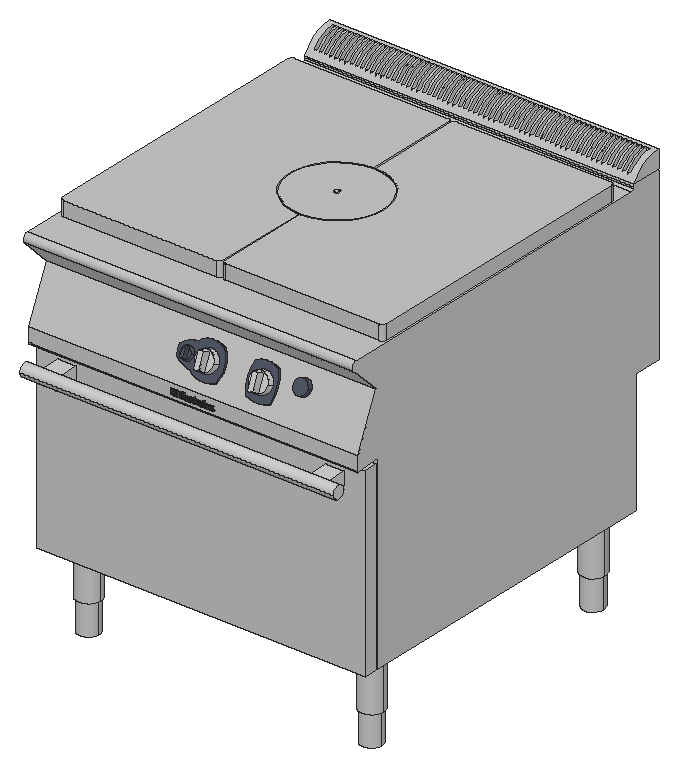
Revit family "QF_ELECTROLUXPROFESSIONAL_391264_E9STGH10GA", category Specialty Equipment, Revit 2018
Family settings
  Round Connector Dimension = Use Diameter
  Part Type = Normal
  Work Plane-Based = No
  Always vertical = Yes
  Cut with Voids When Loaded = No
  Shared = No
  Room Calculation Point = No
Parameters
  Watts = 0 W
  URL = ""
  Show Logo [instance] = yes
  Show Clearance [instance] = yes
  Model = ""
  Manufacturer = ""
  HP = "0 HP"
  Direct Waste Size = 0"
  Description = ""
Reference planes
  plane 1 "BACK": y = 0
  plane 2: z = 0
  plane 3 "LEFT": x = 0
  plane 4 "RIGHT": x = 800
  plane 5 "FRONT": y = -930
  plane 6 "TOP": z = 650
  plane 7 "Center Y": x = 400
  plane 8 "Center X": y = -465
  plane 9: z = 900
  plane 10: x = 744
  plane 11: x = 56
  plane 12: z = 200
  plane 13: y = -128
  plane 14: y = -802
  plane 15: z = 914.5
Forms (mm)
  Extrusion 1, solid, material "QF_Finishes_Stainless Steel"
    sketch origin (0, 0.25, 626.188) x (0, 1, 0) y (0, 0, 1)
      loop
        arc (-70.22, 288.271) -> (-73.734, 286.815) -> (-75.19, 283.3) r 4.97
        line (-75.19, 283.3) -> (-75.19, 279.267)
        arc (-75.19, 279.267) -> (-76.788, 275.41) -> (-80.644, 273.813) r 5.454
        line (-80.644, 273.813) -> (-917.95, 273.813)
        arc (-917.95, 273.813) -> (-929.314, 266.219) -> (-926.647, 252.815) r 12.3
        line (-926.647, 252.815) -> (-859.894, 186.063) -> (-915.499, 65.25) -> (-915.499, 31.701)
        arc (-915.499, 31.701) -> (-914.341, 29.1) -> (-911.633, 28.221) r 3.5
        line (-911.633, 28.221) -> (-853.25, 34.357) -> (-853.25, -426.188) -> (-70.25, -426.188) -> (-70.25, -126.188) -> (-0.25, -126.188) -> (-0.25, 284.313)
        arc (-0.25, 284.313) -> (-1.414, 287.133) -> (-4.228, 288.313) r 4
        line (-4.228, 288.313) -> (-70.256, 288.313)
    from 0 to 800
  Extrusion 2, solid, material "QF_Finishes_Stainless Steel"
    sketch origin (400, 8, 0) x (0, 1, 0) y (0, 0, 1)
      loop
        line (-866, 649) -> (-899, 649) -> (-899, 200) -> (-866, 200) -> (-866, 649)
    from -400 to 400
  Extrusion 3, solid, material "QF_Finishes_Stainless Steel"
    sketch origin (400, 0, 0) x (0, 1, 0) y (0, 0, 1)
      loop
        line (0, 914.5) -> (0, 959)
        arc (0, 959) -> (-43.177, 946.361) -> (-74.94, 914.5) r 90.534
        line (-74.94, 914.5) -> (0, 914.5)
    from -400 to 400
  Extrusion 4, void
    sketch origin (-6096, -36.992, 914.5) x (0, 1, 0) y (-1, 0, 0)
      loop
        line (27.816, -6110.851) -> (-27.537, -6110.851) -> (-27.537, -6118.651) -> (27.816, -6118.651) -> (27.816, -6110.851)
      loop
        line (27.816, -6123.351) -> (-27.537, -6123.351) -> (-27.537, -6131.151) -> (27.816, -6131.151) -> (27.816, -6123.351)
      loop
        line (27.816, -6135.851) -> (-27.537, -6135.851) -> (-27.537, -6143.651) -> (27.816, -6143.651) -> (27.816, -6135.851)
      loop
        line (27.816, -6148.351) -> (-27.537, -6148.351) -> (-27.537, -6156.152) -> (27.816, -6156.152) -> (27.816, -6148.351)
      loop
        line (27.816, -6160.852) -> (-27.537, -6160.852) -> (-27.537, -6168.652) -> (27.816, -6168.652) -> (27.816, -6160.852)
      loop
        line (27.816, -6173.352) -> (-27.537, -6173.352) -> (-27.537, -6181.152) -> (27.816, -6181.152) -> (27.816, -6173.352)
      loop
        line (27.816, -6185.852) -> (-27.537, -6185.852) -> (-27.537, -6193.652) -> (27.816, -6193.652) -> (27.816, -6185.852)
      loop
        line (27.816, -6198.352) -> (-27.537, -6198.352) -> (-27.537, -6206.152) -> (27.816, -6206.152) -> (27.816, -6198.352)
      loop
        line (27.816, -6210.852) -> (-27.537, -6210.852) -> (-27.537, -6218.652) -> (27.816, -6218.652) -> (27.816, -6210.852)
      loop
        line (27.816, -6223.352) -> (-27.537, -6223.352) -> (-27.537, -6231.152) -> (27.816, -6231.152) -> (27.816, -6223.352)
      loop
        line (27.816, -6235.852) -> (-27.537, -6235.852) -> (-27.537, -6243.652) -> (27.816, -6243.652) -> (27.816, -6235.852)
      loop
        line (27.816, -6248.352) -> (-27.537, -6248.352) -> (-27.537, -6256.152) -> (27.816, -6256.152) -> (27.816, -6248.352)
      loop
        line (27.816, -6260.852) -> (-27.537, -6260.852) -> (-27.537, -6268.652) -> (27.816, -6268.652) -> (27.816, -6260.852)
      loop
        line (27.816, -6273.352) -> (-27.537, -6273.352) -> (-27.537, -6281.152) -> (27.816, -6281.152) -> (27.816, -6273.352)
      loop
        line (27.816, -6285.852) -> (-27.537, -6285.852) -> (-27.537, -6293.652) -> (27.816, -6293.652) -> (27.816, -6285.852)
      loop
        line (27.816, -6298.352) -> (-27.537, -6298.352) -> (-27.537, -6306.152) -> (27.816, -6306.152) -> (27.816, -6298.352)
      loop
        line (27.816, -6310.852) -> (-27.537, -6310.852) -> (-27.537, -6318.652) -> (27.816, -6318.652) -> (27.816, -6310.852)
      loop
        line (27.816, -6323.352) -> (-27.537, -6323.352) -> (-27.537, -6331.152) -> (27.816, -6331.152) -> (27.816, -6323.352)
      loop
        line (27.816, -6335.852) -> (-27.537, -6335.852) -> (-27.537, -6343.652) -> (27.816, -6343.652) -> (27.816, -6335.852)
      loop
        line (27.816, -6348.352) -> (-27.537, -6348.352) -> (-27.537, -6356.152) -> (27.816, -6356.152) -> (27.816, -6348.352)
      loop
        line (27.816, -6360.852) -> (-27.537, -6360.852) -> (-27.537, -6368.652) -> (27.816, -6368.652) -> (27.816, -6360.852)
      loop
        line (27.816, -6373.352) -> (-27.537, -6373.352) -> (-27.537, -6381.152) -> (27.816, -6381.152) -> (27.816, -6373.352)
      loop
        line (27.816, -6385.852) -> (-27.537, -6385.852) -> (-27.537, -6393.653) -> (27.816, -6393.653) -> (27.816, -6385.852)
      loop
        line (27.816, -6398.353) -> (-27.537, -6398.353) -> (-27.537, -6406.153) -> (27.816, -6406.153) -> (27.816, -6398.353)
      loop
        line (27.816, -6410.853) -> (-27.537, -6410.853) -> (-27.537, -6418.653) -> (27.816, -6418.653) -> (27.816, -6410.853)
      loop
        line (27.816, -6423.353) -> (-27.537, -6423.353) -> (-27.537, -6431.153) -> (27.816, -6431.153) -> (27.816, -6423.353)
      loop
        line (27.816, -6435.853) -> (-27.537, -6435.853) -> (-27.537, -6443.653) -> (27.816, -6443.653) -> (27.816, -6435.853)
      loop
        line (27.816, -6448.353) -> (-27.537, -6448.353) -> (-27.537, -6456.153) -> (27.816, -6456.153) -> (27.816, -6448.353)
      loop
        line (27.816, -6460.853) -> (-27.537, -6460.853) -> (-27.537, -6468.653) -> (27.816, -6468.653) -> (27.816, -6460.853)
      loop
        line (27.816, -6473.353) -> (-27.537, -6473.353) -> (-27.537, -6481.153) -> (27.816, -6481.153) -> (27.816, -6473.353)
      loop
        line (27.816, -6485.853) -> (-27.537, -6485.853) -> (-27.537, -6493.653) -> (27.816, -6493.653) -> (27.816, -6485.853)
      loop
        line (27.816, -6498.353) -> (-27.537, -6498.353) -> (-27.537, -6506.153) -> (27.816, -6506.153) -> (27.816, -6498.353)
      loop
        line (27.816, -6510.853) -> (-27.537, -6510.853) -> (-27.537, -6518.653) -> (27.816, -6518.653) -> (27.816, -6510.853)
      loop
        line (27.816, -6523.353) -> (-27.537, -6523.353) -> (-27.537, -6531.153) -> (27.816, -6531.153) -> (27.816, -6523.353)
      loop
        line (27.816, -6535.853) -> (-27.537, -6535.853) -> (-27.537, -6543.653) -> (27.816, -6543.653) -> (27.816, -6535.853)
      loop
        line (27.816, -6548.353) -> (-27.537, -6548.353) -> (-27.537, -6556.153) -> (27.816, -6556.153) -> (27.816, -6548.353)
      loop
        line (27.816, -6560.853) -> (-27.537, -6560.853) -> (-27.537, -6568.653) -> (27.816, -6568.653) -> (27.816, -6560.853)
      loop
        line (27.816, -6573.353) -> (-27.537, -6573.353) -> (-27.537, -6581.153) -> (27.816, -6581.153) -> (27.816, -6573.353)
      loop
        line (27.816, -6585.853) -> (-27.537, -6585.853) -> (-27.537, -6593.653) -> (27.816, -6593.653) -> (27.816, -6585.853)
      loop
        line (27.816, -6598.353) -> (-27.537, -6598.353) -> (-27.537, -6606.153) -> (27.816, -6606.153) -> (27.816, -6598.353)
      loop
        line (27.816, -6610.853) -> (-27.537, -6610.853) -> (-27.537, -6618.653) -> (27.816, -6618.653) -> (27.816, -6610.853)
      loop
        line (27.816, -6623.353) -> (-27.537, -6623.353) -> (-27.537, -6631.153) -> (27.816, -6631.153) -> (27.816, -6623.353)
      loop
        line (27.816, -6635.853) -> (-27.537, -6635.853) -> (-27.537, -6643.654) -> (27.816, -6643.654) -> (27.816, -6635.853)
      loop
        line (27.816, -6648.354) -> (-27.537, -6648.354) -> (-27.537, -6656.154) -> (27.816, -6656.154) -> (27.816, -6648.354)
      loop
        line (27.816, -6660.854) -> (-27.537, -6660.854) -> (-27.537, -6668.654) -> (27.816, -6668.654) -> (27.816, -6660.854)
      loop
        line (27.816, -6673.354) -> (-27.537, -6673.354) -> (-27.537, -6681.154) -> (27.816, -6681.154) -> (27.816, -6673.354)
      loop
        line (27.816, -6685.854) -> (-27.537, -6685.854) -> (-27.537, -6693.654) -> (27.816, -6693.654) -> (27.816, -6685.854)
      loop
        line (27.816, -6698.354) -> (-27.537, -6698.354) -> (-27.537, -6706.154) -> (27.816, -6706.154) -> (27.816, -6698.354)
      loop
        line (27.816, -6710.854) -> (-27.537, -6710.854) -> (-27.537, -6718.654) -> (27.816, -6718.654) -> (27.816, -6710.854)
      loop
        line (27.816, -6723.354) -> (-27.537, -6723.354) -> (-27.537, -6731.154) -> (27.816, -6731.154) -> (27.816, -6723.354)
      loop
        line (27.816, -6735.854) -> (-27.537, -6735.854) -> (-27.537, -6743.654) -> (27.816, -6743.654) -> (27.816, -6735.854)
      loop
        line (27.816, -6748.354) -> (-27.537, -6748.354) -> (-27.537, -6756.154) -> (27.816, -6756.154) -> (27.816, -6748.354)
      loop
        line (27.816, -6760.854) -> (-27.537, -6760.854) -> (-27.537, -6768.654) -> (27.816, -6768.654) -> (27.816, -6760.854)
      loop
        line (27.816, -6773.354) -> (-27.537, -6773.354) -> (-27.537, -6781.154) -> (27.816, -6781.154) -> (27.816, -6773.354)
      loop
        line (27.816, -6785.854) -> (-27.537, -6785.854) -> (-27.537, -6793.654) -> (27.816, -6793.654) -> (27.816, -6785.854)
      loop
        line (27.816, -6798.354) -> (-27.537, -6798.354) -> (-27.537, -6806.154) -> (27.816, -6806.154) -> (27.816, -6798.354)
      loop
        line (27.816, -6810.854) -> (-27.537, -6810.854) -> (-27.537, -6818.654) -> (27.816, -6818.654) -> (27.816, -6810.854)
      loop
        line (27.816, -6823.354) -> (-27.537, -6823.354) -> (-27.537, -6831.154) -> (27.816, -6831.154) -> (27.816, -6823.354)
      loop
        line (27.816, -6835.854) -> (-27.537, -6835.854) -> (-27.537, -6843.654) -> (27.816, -6843.654) -> (27.816, -6835.854)
      loop
        line (27.816, -6848.354) -> (-27.537, -6848.354) -> (-27.537, -6856.154) -> (27.816, -6856.154) -> (27.816, -6848.354)
      loop
        line (27.816, -6860.854) -> (-27.537, -6860.854) -> (-27.537, -6868.654) -> (27.816, -6868.654) -> (27.816, -6860.854)
      loop
        line (27.816, -6873.354) -> (-27.537, -6873.354) -> (-27.537, -6881.154) -> (27.816, -6881.154) -> (27.816, -6873.354)
    from 0 to 45
  Extrusion 5, solid, material "QF_Finishes_Handrails and Railings"
    sketch origin (400, 8, 0) x (0, 1, 0) y (0, 0, 1)
      loop
        circle (-957.462, 620.293) r 15
    from -381.034 to 381.034
  Extrusion 6, solid, material "QF_Finishes_Handrails and Railings"
    sketch origin (400, 8, 0) x (0, 1, 0) y (0, 0, 1)
      loop
        line (-899, 629.817) -> (-944.277, 627.444)
        arc (-944.277, 627.444) -> (-944.69, 612.427) -> (-957.915, 605.3) r 15
        arc (-957.915, 605.3) -> (-956.675, 601.227) -> (-952.748, 599.585) r 5
        line (-952.748, 599.585) -> (-899, 596.768) -> (-899, 629.817)
    from 303.5 to 348.5
  Extrusion 7, solid, material "QF_Finishes_Handrails and Railings"
    sketch origin (400, 8, 0) x (0, 1, 0) y (0, 0, 1)
      loop
        line (-899, 629.817) -> (-944.277, 627.444)
        arc (-944.277, 627.444) -> (-944.69, 612.427) -> (-957.915, 605.3) r 15
        arc (-957.915, 605.3) -> (-956.675, 601.227) -> (-952.748, 599.585) r 5
        line (-952.748, 599.585) -> (-899, 596.768) -> (-899, 629.817)
    from -303.5 to -348.5
  Extrusion 8, solid, material "QF_Door-Drawer Clearances", visible <- "Show Clearance", detail levels coarse
    sketch origin (400, 8, 0) x (0, 1, 0) y (0, 0, 1)
      loop
        line (-1308, 200) -> (-899, 200) -> (-899, 647.215)
        arc (-899, 647.215) -> (-1190.331, 503.019) -> (-1308, 200) r 449
    from -400 to 400
  Extrusion 9, solid, material "QF_Clearances", visible <- "Show Clearance", detail levels coarse
    sketch origin (0, 0, 0) x (1, 0, 0) y (0, 1, 0)
      loop
        line (-100, -930) -> (0, -930) -> (0, 0) -> (800, 0) -> (800, -930) -> (900, -930) -> (900, 100) -> (-100, 100) -> (-100, -930)
    from 0 to 959
  Extrusion 10, solid, material "QF_Finishes_Stainless Steel"
    sketch origin (0, 0, 200) x (-1, 0, 0) y (0, 1, 0)
      loop
        circle (-748, -664) r 6.35
    from 0 to 21
Cuts and joins
  Extrusion 4 cuts Extrusion 1
  Extrusion 4 cuts Extrusion 3
Lines and regions (mm)
  symbolic lines, style "QF_Clearances", visible <- "Show Clearance", detail levels coarse
    curve 1: line (-100, -930, 914.5) -> (-100, 100, 914.5)
    curve 2: line (-100, 100, 914.5) -> (900, 100, 914.5)
    curve 3: line (900, 100, 914.5) -> (900, -930, 914.5)
  symbolic lines, style "QF_Door-Drawer Clearances"
    curve 4: line (0, -930, 914.5) -> (0, -1300, 914.5)
    curve 5: line (0, -1300, 914.5) -> (800, -1300, 914.5)
    curve 6: line (800, -1300, 914.5) -> (800, -930, 914.5)
  symbolic lines
    curve 7: line (0, 0, 914.5) -> (800, 0, 914.5)
    curve 8: line (800, 0, 914.5) -> (800, -930, 914.5)
    curve 9: line (0, -930, 914.5) -> (0, 0, 914.5)
    curve 10: line (0, -74.94, 914.5) -> (800, -74.94, 914.5)
    curve 11: line (14.851, -9.176, 914.5) -> (22.651, -9.176, 914.5)
    curve 12: line (14.851, -64.529, 914.5) -> (14.851, -9.176, 914.5)
    curve 13: line (22.651, -64.529, 914.5) -> (14.851, -64.529, 914.5)
    curve 14: line (22.651, -9.176, 914.5) -> (22.651, -64.529, 914.5)
    curve 15: line (27.351, -9.176, 914.5) -> (35.151, -9.176, 914.5)
    curve 16: line (27.351, -64.529, 914.5) -> (27.351, -9.176, 914.5)
    curve 17: line (35.151, -64.529, 914.5) -> (27.351, -64.529, 914.5)
    curve 18: line (35.151, -9.176, 914.5) -> (35.151, -64.529, 914.5)
    curve 19: line (39.851, -9.176, 914.5) -> (47.651, -9.176, 914.5)
    curve 20: line (39.851, -64.529, 914.5) -> (39.851, -9.176, 914.5)
    curve 21: line (47.651, -64.529, 914.5) -> (39.851, -64.529, 914.5)
    curve 22: line (47.651, -9.176, 914.5) -> (47.651, -64.529, 914.5)
    curve 23: line (52.351, -9.176, 914.5) -> (60.152, -9.176, 914.5)
    curve 24: line (52.351, -64.529, 914.5) -> (52.351, -9.176, 914.5)
    curve 25: line (60.152, -64.529, 914.5) -> (52.351, -64.529, 914.5)
    curve 26: line (60.152, -9.176, 914.5) -> (60.152, -64.529, 914.5)
    curve 27: line (64.852, -9.176, 914.5) -> (72.652, -9.176, 914.5)
    curve 28: line (64.852, -64.529, 914.5) -> (64.852, -9.176, 914.5)
    curve 29: line (72.652, -64.529, 914.5) -> (64.852, -64.529, 914.5)
    curve 30: line (72.652, -9.176, 914.5) -> (72.652, -64.529, 914.5)
    curve 31: line (77.352, -9.176, 914.5) -> (85.152, -9.176, 914.5)
    curve 32: line (77.352, -64.529, 914.5) -> (77.352, -9.176, 914.5)
    curve 33: line (85.152, -64.529, 914.5) -> (77.352, -64.529, 914.5)
    curve 34: line (85.152, -9.176, 914.5) -> (85.152, -64.529, 914.5)
    curve 35: line (89.852, -9.176, 914.5) -> (97.652, -9.176, 914.5)
    curve 36: line (89.852, -64.529, 914.5) -> (89.852, -9.176, 914.5)
    curve 37: line (97.652, -64.529, 914.5) -> (89.852, -64.529, 914.5)
    curve 38: line (97.652, -9.176, 914.5) -> (97.652, -64.529, 914.5)
    curve 39: line (102.352, -9.176, 914.5) -> (110.152, -9.176, 914.5)
    curve 40: line (102.352, -64.529, 914.5) -> (102.352, -9.176, 914.5)
    curve 41: line (110.152, -64.529, 914.5) -> (102.352, -64.529, 914.5)
    curve 42: line (110.152, -9.176, 914.5) -> (110.152, -64.529, 914.5)
    curve 43: line (114.852, -9.176, 914.5) -> (122.652, -9.176, 914.5)
    curve 44: line (114.852, -64.529, 914.5) -> (114.852, -9.176, 914.5)
    curve 45: line (122.652, -64.529, 914.5) -> (114.852, -64.529, 914.5)
    curve 46: line (122.652, -9.176, 914.5) -> (122.652, -64.529, 914.5)
    curve 47: line (127.352, -9.176, 914.5) -> (135.152, -9.176, 914.5)
    curve 48: line (127.352, -64.529, 914.5) -> (127.352, -9.176, 914.5)
    curve 49: line (135.152, -64.529, 914.5) -> (127.352, -64.529, 914.5)
    curve 50: line (135.152, -9.176, 914.5) -> (135.152, -64.529, 914.5)
    curve 51: line (139.852, -9.176, 914.5) -> (147.652, -9.176, 914.5)
    curve 52: line (139.852, -64.529, 914.5) -> (139.852, -9.176, 914.5)
    curve 53: line (147.652, -64.529, 914.5) -> (139.852, -64.529, 914.5)
    curve 54: line (147.652, -9.176, 914.5) -> (147.652, -64.529, 914.5)
    curve 55: line (152.352, -9.176, 914.5) -> (160.152, -9.176, 914.5)
    curve 56: line (152.352, -64.529, 914.5) -> (152.352, -9.176, 914.5)
    curve 57: line (160.152, -64.529, 914.5) -> (152.352, -64.529, 914.5)
    curve 58: line (160.152, -9.176, 914.5) -> (160.152, -64.529, 914.5)
    curve 59: line (164.852, -9.176, 914.5) -> (172.652, -9.176, 914.5)
    curve 60: line (164.852, -64.529, 914.5) -> (164.852, -9.176, 914.5)
    curve 61: line (172.652, -64.529, 914.5) -> (164.852, -64.529, 914.5)
    curve 62: line (172.652, -9.176, 914.5) -> (172.652, -64.529, 914.5)
    curve 63: line (177.352, -9.176, 914.5) -> (185.152, -9.176, 914.5)
    curve 64: line (177.352, -64.529, 914.5) -> (177.352, -9.176, 914.5)
    curve 65: line (185.152, -64.529, 914.5) -> (177.352, -64.529, 914.5)
    curve 66: line (185.152, -9.176, 914.5) -> (185.152, -64.529, 914.5)
    curve 67: line (189.852, -9.176, 914.5) -> (197.652, -9.176, 914.5)
    curve 68: line (189.852, -64.529, 914.5) -> (189.852, -9.176, 914.5)
    curve 69: line (197.652, -64.529, 914.5) -> (189.852, -64.529, 914.5)
    curve 70: line (197.652, -9.176, 914.5) -> (197.652, -64.529, 914.5)
    curve 71: line (202.352, -9.176, 914.5) -> (210.152, -9.176, 914.5)
    curve 72: line (202.352, -64.529, 914.5) -> (202.352, -9.176, 914.5)
    curve 73: line (210.152, -64.529, 914.5) -> (202.352, -64.529, 914.5)
    curve 74: line (210.152, -9.176, 914.5) -> (210.152, -64.529, 914.5)
    curve 75: line (214.852, -9.176, 914.5) -> (222.652, -9.176, 914.5)
    curve 76: line (214.852, -64.529, 914.5) -> (214.852, -9.176, 914.5)
    curve 77: line (222.652, -64.529, 914.5) -> (214.852, -64.529, 914.5)
    curve 78: line (222.652, -9.176, 914.5) -> (222.652, -64.529, 914.5)
    curve 79: line (227.352, -9.176, 914.5) -> (235.152, -9.176, 914.5)
    curve 80: line (227.352, -64.529, 914.5) -> (227.352, -9.176, 914.5)
    curve 81: line (235.152, -64.529, 914.5) -> (227.352, -64.529, 914.5)
    curve 82: line (235.152, -9.176, 914.5) -> (235.152, -64.529, 914.5)
    curve 83: line (239.852, -9.176, 914.5) -> (247.652, -9.176, 914.5)
    curve 84: line (239.852, -64.529, 914.5) -> (239.852, -9.176, 914.5)
    curve 85: line (247.652, -64.529, 914.5) -> (239.852, -64.529, 914.5)
    curve 86: line (247.652, -9.176, 914.5) -> (247.652, -64.529, 914.5)
    curve 87: line (252.352, -9.176, 914.5) -> (260.152, -9.176, 914.5)
    curve 88: line (252.352, -64.529, 914.5) -> (252.352, -9.176, 914.5)
    curve 89: line (260.152, -64.529, 914.5) -> (252.352, -64.529, 914.5)
    curve 90: line (260.152, -9.176, 914.5) -> (260.152, -64.529, 914.5)
    curve 91: line (264.852, -9.176, 914.5) -> (272.652, -9.176, 914.5)
    curve 92: line (264.852, -64.529, 914.5) -> (264.852, -9.176, 914.5)
    curve 93: line (272.652, -64.529, 914.5) -> (264.852, -64.529, 914.5)
    curve 94: line (272.652, -9.176, 914.5) -> (272.652, -64.529, 914.5)
    curve 95: line (277.352, -9.176, 914.5) -> (285.152, -9.176, 914.5)
    curve 96: line (277.352, -64.529, 914.5) -> (277.352, -9.176, 914.5)
    curve 97: line (285.152, -64.529, 914.5) -> (277.352, -64.529, 914.5)
    curve 98: line (285.152, -9.176, 914.5) -> (285.152, -64.529, 914.5)
    curve 99: line (289.852, -9.176, 914.5) -> (297.653, -9.176, 914.5)
    curve 100: line (289.852, -64.529, 914.5) -> (289.852, -9.176, 914.5)
    curve 101: line (297.653, -64.529, 914.5) -> (289.852, -64.529, 914.5)
    curve 102: line (297.653, -9.176, 914.5) -> (297.653, -64.529, 914.5)
    curve 103: line (302.353, -9.176, 914.5) -> (310.153, -9.176, 914.5)
    curve 104: line (302.353, -64.529, 914.5) -> (302.353, -9.176, 914.5)
    curve 105: line (310.153, -64.529, 914.5) -> (302.353, -64.529, 914.5)
    curve 106: line (310.153, -9.176, 914.5) -> (310.153, -64.529, 914.5)
    curve 107: line (314.853, -9.176, 914.5) -> (322.653, -9.176, 914.5)
    curve 108: line (314.853, -64.529, 914.5) -> (314.853, -9.176, 914.5)
    curve 109: line (322.653, -64.529, 914.5) -> (314.853, -64.529, 914.5)
    curve 110: line (322.653, -9.176, 914.5) -> (322.653, -64.529, 914.5)
    curve 111: line (327.353, -9.176, 914.5) -> (335.153, -9.176, 914.5)
    curve 112: line (327.353, -64.529, 914.5) -> (327.353, -9.176, 914.5)
    curve 113: line (335.153, -64.529, 914.5) -> (327.353, -64.529, 914.5)
    curve 114: line (335.153, -9.176, 914.5) -> (335.153, -64.529, 914.5)
    curve 115: line (339.853, -9.176, 914.5) -> (347.653, -9.176, 914.5)
    curve 116: line (339.853, -64.529, 914.5) -> (339.853, -9.176, 914.5)
    curve 117: line (347.653, -64.529, 914.5) -> (339.853, -64.529, 914.5)
    curve 118: line (347.653, -9.176, 914.5) -> (347.653, -64.529, 914.5)
    curve 119: line (352.353, -9.176, 914.5) -> (360.153, -9.176, 914.5)
    curve 120: line (352.353, -64.529, 914.5) -> (352.353, -9.176, 914.5)
    curve 121: line (360.153, -64.529, 914.5) -> (352.353, -64.529, 914.5)
    curve 122: line (360.153, -9.176, 914.5) -> (360.153, -64.529, 914.5)
    curve 123: line (364.853, -9.176, 914.5) -> (372.653, -9.176, 914.5)
    curve 124: line (364.853, -64.529, 914.5) -> (364.853, -9.176, 914.5)
    curve 125: line (372.653, -64.529, 914.5) -> (364.853, -64.529, 914.5)
    curve 126: line (372.653, -9.176, 914.5) -> (372.653, -64.529, 914.5)
    curve 127: line (377.353, -9.176, 914.5) -> (385.153, -9.176, 914.5)
    curve 128: line (377.353, -64.529, 914.5) -> (377.353, -9.176, 914.5)
    curve 129: line (385.153, -64.529, 914.5) -> (377.353, -64.529, 914.5)
    curve 130: line (385.153, -9.176, 914.5) -> (385.153, -64.529, 914.5)
    curve 131: line (389.853, -9.176, 914.5) -> (397.653, -9.176, 914.5)
    curve 132: line (389.853, -64.529, 914.5) -> (389.853, -9.176, 914.5)
    curve 133: line (397.653, -64.529, 914.5) -> (389.853, -64.529, 914.5)
    curve 134: line (397.653, -9.176, 914.5) -> (397.653, -64.529, 914.5)
    curve 135: line (402.353, -9.176, 914.5) -> (410.153, -9.176, 914.5)
    curve 136: line (402.353, -64.529, 914.5) -> (402.353, -9.176, 914.5)
    curve 137: line (410.153, -64.529, 914.5) -> (402.353, -64.529, 914.5)
    curve 138: line (410.153, -9.176, 914.5) -> (410.153, -64.529, 914.5)
    curve 139: line (414.853, -9.176, 914.5) -> (422.653, -9.176, 914.5)
    curve 140: line (414.853, -64.529, 914.5) -> (414.853, -9.176, 914.5)
    curve 141: line (422.653, -64.529, 914.5) -> (414.853, -64.529, 914.5)
    curve 142: line (422.653, -9.176, 914.5) -> (422.653, -64.529, 914.5)
    curve 143: line (427.353, -9.176, 914.5) -> (435.153, -9.176, 914.5)
    curve 144: line (427.353, -64.529, 914.5) -> (427.353, -9.176, 914.5)
    curve 145: line (435.153, -64.529, 914.5) -> (427.353, -64.529, 914.5)
    curve 146: line (435.153, -9.176, 914.5) -> (435.153, -64.529, 914.5)
    curve 147: line (439.853, -9.176, 914.5) -> (447.653, -9.176, 914.5)
    curve 148: line (439.853, -64.529, 914.5) -> (439.853, -9.176, 914.5)
    curve 149: line (447.653, -64.529, 914.5) -> (439.853, -64.529, 914.5)
    curve 150: line (447.653, -9.176, 914.5) -> (447.653, -64.529, 914.5)
    curve 151: line (452.353, -9.176, 914.5) -> (460.153, -9.176, 914.5)
    curve 152: line (452.353, -64.529, 914.5) -> (452.353, -9.176, 914.5)
    curve 153: line (460.153, -64.529, 914.5) -> (452.353, -64.529, 914.5)
    curve 154: line (460.153, -9.176, 914.5) -> (460.153, -64.529, 914.5)
    curve 155: line (464.853, -9.176, 914.5) -> (472.653, -9.176, 914.5)
    curve 156: line (464.853, -64.529, 914.5) -> (464.853, -9.176, 914.5)
    curve 157: line (472.653, -64.529, 914.5) -> (464.853, -64.529, 914.5)
    curve 158: line (472.653, -9.176, 914.5) -> (472.653, -64.529, 914.5)
    curve 159: line (477.353, -9.176, 914.5) -> (485.153, -9.176, 914.5)
    curve 160: line (477.353, -64.529, 914.5) -> (477.353, -9.176, 914.5)
    curve 161: line (485.153, -64.529, 914.5) -> (477.353, -64.529, 914.5)
    curve 162: line (485.153, -9.176, 914.5) -> (485.153, -64.529, 914.5)
    curve 163: line (489.853, -9.176, 914.5) -> (497.653, -9.176, 914.5)
    curve 164: line (489.853, -64.529, 914.5) -> (489.853, -9.176, 914.5)
    curve 165: line (497.653, -64.529, 914.5) -> (489.853, -64.529, 914.5)
    curve 166: line (497.653, -9.176, 914.5) -> (497.653, -64.529, 914.5)
    curve 167: line (502.353, -9.176, 914.5) -> (510.153, -9.176, 914.5)
    curve 168: line (502.353, -64.529, 914.5) -> (502.353, -9.176, 914.5)
    curve 169: line (510.153, -64.529, 914.5) -> (502.353, -64.529, 914.5)
    curve 170: line (510.153, -9.176, 914.5) -> (510.153, -64.529, 914.5)
    curve 171: line (514.853, -9.176, 914.5) -> (522.653, -9.176, 914.5)
    curve 172: line (514.853, -64.529, 914.5) -> (514.853, -9.176, 914.5)
    curve 173: line (522.653, -64.529, 914.5) -> (514.853, -64.529, 914.5)
    curve 174: line (522.653, -9.176, 914.5) -> (522.653, -64.529, 914.5)
    curve 175: line (527.353, -9.176, 914.5) -> (535.153, -9.176, 914.5)
    curve 176: line (527.353, -64.529, 914.5) -> (527.353, -9.176, 914.5)
    curve 177: line (535.153, -64.529, 914.5) -> (527.353, -64.529, 914.5)
    curve 178: line (535.153, -9.176, 914.5) -> (535.153, -64.529, 914.5)
    curve 179: line (539.853, -9.176, 914.5) -> (547.654, -9.176, 914.5)
    curve 180: line (539.853, -64.529, 914.5) -> (539.853, -9.176, 914.5)
    curve 181: line (547.654, -64.529, 914.5) -> (539.853, -64.529, 914.5)
    curve 182: line (547.654, -9.176, 914.5) -> (547.654, -64.529, 914.5)
    curve 183: line (552.354, -9.176, 914.5) -> (560.154, -9.176, 914.5)
    curve 184: line (552.354, -64.529, 914.5) -> (552.354, -9.176, 914.5)
    curve 185: line (560.154, -64.529, 914.5) -> (552.354, -64.529, 914.5)
    curve 186: line (560.154, -9.176, 914.5) -> (560.154, -64.529, 914.5)
    curve 187: line (564.854, -9.176, 914.5) -> (572.654, -9.176, 914.5)
    curve 188: line (564.854, -64.529, 914.5) -> (564.854, -9.176, 914.5)
    curve 189: line (572.654, -64.529, 914.5) -> (564.854, -64.529, 914.5)
    curve 190: line (572.654, -9.176, 914.5) -> (572.654, -64.529, 914.5)
    curve 191: line (577.354, -9.176, 914.5) -> (585.154, -9.176, 914.5)
    curve 192: line (577.354, -64.529, 914.5) -> (577.354, -9.176, 914.5)
    curve 193: line (585.154, -64.529, 914.5) -> (577.354, -64.529, 914.5)
    curve 194: line (585.154, -9.176, 914.5) -> (585.154, -64.529, 914.5)
    curve 195: line (589.854, -9.176, 914.5) -> (597.654, -9.176, 914.5)
    curve 196: line (589.854, -64.529, 914.5) -> (589.854, -9.176, 914.5)
    curve 197: line (597.654, -64.529, 914.5) -> (589.854, -64.529, 914.5)
    curve 198: line (597.654, -9.176, 914.5) -> (597.654, -64.529, 914.5)
    curve 199: line (602.354, -9.176, 914.5) -> (610.154, -9.176, 914.5)
    curve 200: line (602.354, -64.529, 914.5) -> (602.354, -9.176, 914.5)
    curve 201: line (610.154, -64.529, 914.5) -> (602.354, -64.529, 914.5)
    curve 202: line (610.154, -9.176, 914.5) -> (610.154, -64.529, 914.5)
    curve 203: line (614.854, -9.176, 914.5) -> (622.654, -9.176, 914.5)
    curve 204: line (614.854, -64.529, 914.5) -> (614.854, -9.176, 914.5)
    curve 205: line (622.654, -64.529, 914.5) -> (614.854, -64.529, 914.5)
    curve 206: line (622.654, -9.176, 914.5) -> (622.654, -64.529, 914.5)
    curve 207: line (627.354, -9.176, 914.5) -> (635.154, -9.176, 914.5)
    curve 208: line (627.354, -64.529, 914.5) -> (627.354, -9.176, 914.5)
    curve 209: line (635.154, -64.529, 914.5) -> (627.354, -64.529, 914.5)
    curve 210: line (635.154, -9.176, 914.5) -> (635.154, -64.529, 914.5)
    curve 211: line (639.854, -9.176, 914.5) -> (647.654, -9.176, 914.5)
    curve 212: line (639.854, -64.529, 914.5) -> (639.854, -9.176, 914.5)
    curve 213: line (647.654, -64.529, 914.5) -> (639.854, -64.529, 914.5)
    curve 214: line (647.654, -9.176, 914.5) -> (647.654, -64.529, 914.5)
    curve 215: line (652.354, -9.176, 914.5) -> (660.154, -9.176, 914.5)
    curve 216: line (652.354, -64.529, 914.5) -> (652.354, -9.176, 914.5)
    curve 217: line (660.154, -64.529, 914.5) -> (652.354, -64.529, 914.5)
    curve 218: line (660.154, -9.176, 914.5) -> (660.154, -64.529, 914.5)
    curve 219: line (664.854, -9.176, 914.5) -> (672.654, -9.176, 914.5)
    curve 220: line (664.854, -64.529, 914.5) -> (664.854, -9.176, 914.5)
    curve 221: line (672.654, -64.529, 914.5) -> (664.854, -64.529, 914.5)
    curve 222: line (672.654, -9.176, 914.5) -> (672.654, -64.529, 914.5)
    curve 223: line (677.354, -9.176, 914.5) -> (685.154, -9.176, 914.5)
    curve 224: line (677.354, -64.529, 914.5) -> (677.354, -9.176, 914.5)
    curve 225: line (685.154, -64.529, 914.5) -> (677.354, -64.529, 914.5)
    curve 226: line (685.154, -9.176, 914.5) -> (685.154, -64.529, 914.5)
    curve 227: line (689.854, -9.176, 914.5) -> (697.654, -9.176, 914.5)
    curve 228: line (689.854, -64.529, 914.5) -> (689.854, -9.176, 914.5)
    curve 229: line (697.654, -64.529, 914.5) -> (689.854, -64.529, 914.5)
    curve 230: line (697.654, -9.176, 914.5) -> (697.654, -64.529, 914.5)
    curve 231: line (702.354, -9.176, 914.5) -> (710.154, -9.176, 914.5)
    curve 232: line (702.354, -64.529, 914.5) -> (702.354, -9.176, 914.5)
    curve 233: line (710.154, -64.529, 914.5) -> (702.354, -64.529, 914.5)
    curve 234: line (710.154, -9.176, 914.5) -> (710.154, -64.529, 914.5)
    curve 235: line (714.854, -9.176, 914.5) -> (722.654, -9.176, 914.5)
    curve 236: line (714.854, -64.529, 914.5) -> (714.854, -9.176, 914.5)
    curve 237: line (722.654, -64.529, 914.5) -> (714.854, -64.529, 914.5)
    curve 238: line (722.654, -9.176, 914.5) -> (722.654, -64.529, 914.5)
    curve 239: line (727.354, -9.176, 914.5) -> (735.154, -9.176, 914.5)
    curve 240: line (727.354, -64.529, 914.5) -> (727.354, -9.176, 914.5)
    curve 241: line (735.154, -64.529, 914.5) -> (727.354, -64.529, 914.5)
    curve 242: line (735.154, -9.176, 914.5) -> (735.154, -64.529, 914.5)
    curve 243: line (739.854, -9.176, 914.5) -> (747.654, -9.176, 914.5)
    curve 244: line (739.854, -64.529, 914.5) -> (739.854, -9.176, 914.5)
    curve 245: line (747.654, -64.529, 914.5) -> (739.854, -64.529, 914.5)
    curve 246: line (747.654, -9.176, 914.5) -> (747.654, -64.529, 914.5)
    curve 247: line (752.354, -9.176, 914.5) -> (760.154, -9.176, 914.5)
    curve 248: line (752.354, -64.529, 914.5) -> (752.354, -9.176, 914.5)
    curve 249: line (760.154, -64.529, 914.5) -> (752.354, -64.529, 914.5)
    curve 250: line (760.154, -9.176, 914.5) -> (760.154, -64.529, 914.5)
    curve 251: line (764.854, -9.176, 914.5) -> (772.654, -9.176, 914.5)
    curve 252: line (764.854, -64.529, 914.5) -> (764.854, -9.176, 914.5)
    curve 253: line (772.654, -64.529, 914.5) -> (764.854, -64.529, 914.5)
    curve 254: line (772.654, -9.176, 914.5) -> (772.654, -64.529, 914.5)
    curve 255: line (777.354, -9.176, 914.5) -> (785.155, -9.176, 914.5)
    curve 256: line (777.354, -64.529, 914.5) -> (777.354, -9.176, 914.5)
    curve 257: line (785.155, -64.529, 914.5) -> (777.354, -64.529, 914.5)
    curve 258: line (785.155, -9.176, 914.5) -> (785.155, -64.529, 914.5)
    curve 259: line (18.966, -934.462, 914.5) -> (18.966, -964.462, 914.5)
    curve 260: line (51.5, -930, 914.5) -> (51.5, -934.462, 914.5)
    curve 261: line (96.5, -934.462, 914.5) -> (96.5, -930, 914.5)
    curve 262: line (748.5, -934.462, 914.5) -> (748.5, -930, 914.5)
    curve 263: line (703.5, -930, 914.5) -> (703.5, -934.462, 914.5)
    curve 264: line (781.034, -964.462, 914.5) -> (781.034, -934.462, 914.5)
    curve 265: line (781.034, -964.462, 914.5) -> (18.966, -964.462, 914.5)
    curve 266: line (18.966, -934.462, 914.5) -> (781.034, -934.462, 914.5)
    curve 267: line (0, -930, 914.5) -> (800, -930, 914.5)
    curve 268: arc (16.5, -125.076, 914.5) -> (9.429, -128.005, 914.5) -> (6.5, -135.076, 914.5) r 10
    curve 269: line (388.5, -125.076, 914.5) -> (16.5, -125.076, 914.5)
    curve 270: line (6.5, -135.076, 914.5) -> (6.5, -819.075, 914.5)
    curve 271: arc (398.5, -135.076, 914.5) -> (395.571, -128.005, 914.5) -> (388.5, -125.076, 914.5) r 10
    curve 272: line (398.5, -362.085, 914.5) -> (398.5, -135.076, 914.5)
    curve 273: line (401.5, -135.076, 914.5) -> (401.5, -362.085, 914.5)
    curve 274: arc (411.5, -125.076, 914.5) -> (404.429, -128.005, 914.5) -> (401.5, -135.076, 914.5) r 10
    curve 275: line (783.5, -125.076, 914.5) -> (411.5, -125.076, 914.5)
    curve 276: arc (793.5, -135.076, 914.5) -> (790.571, -128.005, 914.5) -> (783.5, -125.076, 914.5) r 10
    curve 277: line (793.5, -819.075, 914.5) -> (793.5, -135.076, 914.5)
    curve 278: arc (783.5, -829.075, 914.5) -> (790.571, -826.146, 914.5) -> (793.5, -819.075, 914.5) r 10
    curve 279: line (411.5, -829.075, 914.5) -> (783.5, -829.075, 914.5)
    curve 280: arc (401.5, -819.075, 914.5) -> (404.429, -826.146, 914.5) -> (411.5, -829.075, 914.5) r 10
    curve 281: arc (388.5, -829.075, 914.5) -> (395.571, -826.146, 914.5) -> (398.5, -819.075, 914.5) r 10
    curve 282: line (16.5, -829.075, 914.5) -> (388.5, -829.075, 914.5)
    curve 283: line (398.5, -819.075, 914.5) -> (398.5, -592.066, 914.5)
    curve 284: line (401.5, -592.066, 914.5) -> (401.5, -819.075, 914.5)
    curve 285: arc (6.5, -819.075, 914.5) -> (9.429, -826.146, 914.5) -> (16.5, -829.075, 914.5) r 10
    curve 286: arc (398.5, -592.066, 914.5) -> (285, -477.076, 914.5) -> (398.5, -362.085, 914.5) r 115
    curve 287: arc (400, -365.076, 914.5) -> (288, -477.076, 914.5) -> (400, -589.076, 914.5) r 112
    curve 288: arc (400, -589.076, 914.5) -> (512, -477.076, 914.5) -> (400, -365.076, 914.5) r 112
    curve 289: arc (401.5, -362.085, 914.5) -> (515, -477.076, 914.5) -> (401.5, -592.066, 914.5) r 115
    curve 290: arc (400, -484.076, 914.5) -> (393, -477.076, 914.5) -> (400, -470.075, 914.5) r 7
    curve 291: arc (400, -482.076, 914.5) -> (405, -477.076, 914.5) -> (400, -472.075, 914.5) r 5
    curve 292: arc (400, -470.075, 914.5) -> (407, -477.076, 914.5) -> (400, -484.076, 914.5) r 7
    curve 293: arc (400, -472.075, 914.5) -> (395, -477.076, 914.5) -> (400, -482.076, 914.5) r 5
Dimensions and locks
  equal spacing: plane 3 "LEFT", plane 7 "Center Y", plane 4 "RIGHT"
  plane 3 "LEFT" to plane 4 "RIGHT" = 800 mm
  equal spacing: plane 5 "FRONT", plane 8 "Center X", plane 1 "BACK"
  plane 5 "FRONT" to plane 1 "BACK" = 930 mm
  locked: plane 10 to plane 4 "RIGHT" at 56
  plane 11 to plane 3 "LEFT" = 56 mm
  plane 10 to plane 11 = 688 mm
  Extrusion 1 sketch curve to Extrusion 1 sketch curve = 58.705 mm
  Extrusion 9 to Extrusion 10 sketch curve = 52 mm
  Extrusion 10 sketch curve to Extrusion 9 = 664 mm
  aligned and locked: level to plane 2
Automatic sketch dimensions
  Extrusion 1 sketch curve to plane 9 = 0 mm
  plane 12 to Extrusion 1 sketch curve = 0 mm
  Extrusion 1 sketch curve to plane 13 = 58 mm
  Extrusion 1 sketch curve to plane 15 = 0 mm
  plane 14 to Extrusion 1 sketch curve = 51 mm
  plane 14 to Extrusion 1 sketch curve = 57.644 mm
  plane 6 "TOP" to Extrusion 1 sketch curve = 7.889 mm
  Extrusion 1 sketch curve to plane 5 "FRONT" = 18.251 mm
  Extrusion 1 sketch curve to Extrusion 1 sketch curve = 3.5 mm
  Extrusion 1 sketch curve to plane 5 "FRONT" = 12.3 mm
  Extrusion 1 sketch curve to plane 5 "FRONT" = 3.603 mm
  plane 9 to Extrusion 1 sketch curve = 5.454 mm
  Extrusion 1 sketch curve to plane 13 = 47.606 mm
  Extrusion 1 sketch curve to Extrusion 1 sketch curve = 4.97 mm
  plane 1 "BACK" to Extrusion 1 sketch curve = 4 mm
  plane 1 "BACK" to Extrusion 1 sketch curve = 3.978 mm
  plane 6 "TOP" to Extrusion 1 sketch curve = 10.544 mm
  Extrusion 1 sketch curve to Extrusion 1 sketch curve = 33.549 mm
  Extrusion 1 sketch curve to plane 9 = 87.749 mm
  Extrusion 1 sketch curve to plane 9 = 20.998 mm
  Extrusion 1 sketch curve to Extrusion 1 sketch curve = 4.034 mm
  Extrusion 1 sketch curve to plane 15 = 4 mm
  Extrusion 1 sketch curve to Extrusion 1 sketch curve = 0.366 mm
  plane 6 "TOP" to Extrusion 1 sketch curve = 4.408 mm
  Extrusion 1 sketch curve to Extrusion 1 sketch curve = 0.036 mm  (x2)
  Extrusion 1 sketch curve to plane 6 "TOP" = 150 mm
  Extrusion 1 sketch curve to Extrusion 1 sketch curve = 0 mm
  Extrusion 1 sketch curve to plane 1 "BACK" = 0 mm
  plane 7 "Center Y" to Extrusion 4 sketch curve = 10.153 mm
  Extrusion 4 sketch curve to plane 13 = 63.471 mm  (x2)
  plane 3 "LEFT" to Extrusion 4 sketch curve = 14.851 mm
  Extrusion 4 sketch curve to Extrusion 4 sketch curve = 0 mm  (x120)
  plane 7 "Center Y" to Extrusion 4 sketch curve = 2.353 mm
  plane 1 "BACK" to Extrusion 4 sketch curve = 9.176 mm
  Extrusion 4 sketch curve to plane 7 "Center Y" = 2.347 mm
  Extrusion 4 sketch curve to Extrusion 4 sketch curve = 7.8 mm  (x57)
  Extrusion 4 sketch curve to Extrusion 4 sketch curve = 4.7 mm  (x58)
  Extrusion 4 sketch curve to plane 10 = 3.654 mm
  plane 10 to Extrusion 4 sketch curve = 4.146 mm
  plane 11 to Extrusion 4 sketch curve = 4.152 mm
  Extrusion 4 sketch curve to plane 11 = 3.649 mm
  plane 4 "RIGHT" to Extrusion 4 sketch curve = 14.846 mm
  Extrusion 4 sketch curve to Extrusion 4 sketch curve = 55.353 mm
  Extrusion 5 sketch curve to plane 6 "TOP" = 29.707 mm
  plane 5 "FRONT" to Extrusion 5 sketch curve = 19.462 mm
  plane 5 "FRONT" to Extrusion 6 sketch curve = 19.462 mm
  Extrusion 6 sketch curve to Extrusion 6 sketch curve = 4.496 mm
  Extrusion 6 sketch curve to Extrusion 6 sketch curve = 0.219 mm
  plane 5 "FRONT" to Extrusion 6 sketch curve = 6.277 mm
  Extrusion 6 sketch curve to plane 6 "TOP" = 50.415 mm
  Extrusion 6 sketch curve to Extrusion 6 sketch curve = 4.995 mm
  Extrusion 6 sketch curve to Extrusion 6 sketch curve = 15.712 mm
  Extrusion 6 sketch curve to Extrusion 6 sketch curve = 7.151 mm
  Extrusion 6 sketch curve to plane 5 "FRONT" = 39 mm
  Extrusion 6 sketch curve to plane 6 "TOP" = 53.232 mm
  Extrusion 6 sketch curve to plane 6 "TOP" = 20.183 mm
  plane 5 "FRONT" to Extrusion 7 sketch curve = 19.462 mm
  Extrusion 7 sketch curve to Extrusion 7 sketch curve = 4.496 mm
  Extrusion 7 sketch curve to Extrusion 7 sketch curve = 0.219 mm
  plane 5 "FRONT" to Extrusion 7 sketch curve = 6.277 mm
  Extrusion 7 sketch curve to plane 5 "FRONT" = 39 mm
  Extrusion 7 sketch curve to plane 6 "TOP" = 53.232 mm
  Extrusion 7 sketch curve to plane 6 "TOP" = 50.415 mm
  Extrusion 7 sketch curve to Extrusion 7 sketch curve = 4.995 mm
  Extrusion 7 sketch curve to Extrusion 7 sketch curve = 15.712 mm
  Extrusion 7 sketch curve to Extrusion 7 sketch curve = 7.151 mm
  Extrusion 7 sketch curve to plane 6 "TOP" = 20.183 mm
  plane 12 to Extrusion 8 sketch curve = 0 mm
  plane 12 to Extrusion 2 sketch curve = 0 mm
  Extrusion 2 sketch curve to plane 6 "TOP" = 1 mm
  Extrusion 2 sketch curve to plane 5 "FRONT" = 39 mm
  Extrusion 2 sketch curve to Extrusion 2 sketch curve = 33 mm
  Extrusion 8 sketch curve to plane 6 "TOP" = 2.785 mm
  Extrusion 8 sketch curve to plane 5 "FRONT" = 39 mm
  plane 5 "FRONT" to Extrusion 8 sketch curve = 370 mm
  plane 5 "FRONT" to Extrusion 9 sketch curve = 0 mm  (x2)
  plane 1 "BACK" to Extrusion 9 sketch curve = 0 mm
  Extrusion 9 sketch curve to plane 3 "LEFT" = 0 mm
  Extrusion 9 sketch curve to plane 4 "RIGHT" = 0 mm
  Extrusion 9 sketch curve to plane 3 "LEFT" = 100 mm
  Extrusion 9 sketch curve to plane 4 "RIGHT" = 100 mm
  Extrusion 9 sketch curve to plane 1 "BACK" = 100 mm
  Extrusion 3 sketch curve to plane 15 = 0 mm
  Extrusion 3 sketch curve to plane 1 "BACK" = 3.047 mm
  Extrusion 3 sketch curve to plane 1 "BACK" = 0 mm
  Extrusion 3 sketch curve to plane 13 = 53.06 mm
  Extrusion 3 sketch curve to plane 9 = 31.483 mm
  plane 5 "FRONT" to curve 9 = 0 mm
  plane 5 "FRONT" to curve 3 = 0 mm
  curve 267 to plane 3 "LEFT" = 0 mm
  plane 5 "FRONT" to curve 1 = 0 mm
  plane 1 "BACK" to curve 8 = 0 mm
  curve 267 to plane 4 "RIGHT" = 0 mm
  plane 5 "FRONT" to curve 264 = 4.462 mm
  curve 264 to curve 264 = 30 mm
  curve 130 to plane 7 "Center Y" = 14.847 mm
  plane 3 "LEFT" to curve 12 = 14.851 mm
  curve 13 to curve 16 = 0 mm
  curve 202 to curve 204 = 0 mm
  curve 17 to curve 20 = 0 mm
  curve 198 to curve 200 = 0 mm
  curve 21 to curve 24 = 0 mm
  curve 194 to curve 196 = 0 mm
  curve 25 to curve 28 = 0 mm
  curve 190 to curve 192 = 0 mm
  curve 29 to curve 32 = 0 mm
  curve 186 to curve 188 = 0 mm
  curve 33 to curve 36 = 0 mm
  curve 182 to curve 184 = 0 mm
  curve 37 to curve 40 = 0 mm
  curve 205 to curve 208 = 0 mm
  curve 178 to curve 180 = 0 mm
  curve 41 to curve 44 = 0 mm
  curve 209 to curve 212 = 0 mm
  curve 45 to curve 48 = 0 mm
  curve 49 to curve 52 = 0 mm
  curve 213 to curve 216 = 0 mm
  curve 174 to curve 176 = 0 mm
  curve 53 to curve 56 = 0 mm
  curve 217 to curve 220 = 0 mm
  curve 57 to curve 60 = 0 mm
  curve 170 to curve 172 = 0 mm
  curve 61 to curve 64 = 0 mm
  curve 166 to curve 168 = 0 mm
  curve 65 to curve 68 = 0 mm
  curve 221 to curve 224 = 0 mm
  curve 69 to curve 72 = 0 mm
  curve 225 to curve 228 = 0 mm
  curve 73 to curve 76 = 0 mm
  curve 162 to curve 164 = 0 mm
  curve 77 to curve 80 = 0 mm
  curve 229 to curve 232 = 0 mm
  curve 81 to curve 84 = 0 mm
  curve 158 to curve 160 = 0 mm
  curve 85 to curve 88 = 0 mm
  curve 154 to curve 156 = 0 mm
  curve 89 to curve 92 = 0 mm
  curve 150 to curve 152 = 0 mm
  curve 93 to curve 96 = 0 mm
  curve 233 to curve 236 = 0 mm
  curve 97 to curve 100 = 0 mm
  curve 101 to curve 104 = 0 mm
  curve 237 to curve 240 = 0 mm
  curve 146 to curve 148 = 0 mm
  curve 105 to curve 108 = 0 mm
  curve 241 to curve 244 = 0 mm
  curve 109 to curve 112 = 0 mm
  curve 245 to curve 248 = 0 mm
  curve 113 to curve 116 = 0 mm
  curve 249 to curve 252 = 0 mm
  curve 117 to curve 120 = 0 mm
  curve 142 to curve 144 = 0 mm
  curve 121 to curve 124 = 0 mm
  curve 138 to curve 140 = 0 mm
  curve 253 to curve 258 = 0 mm
  curve 134 to plane 7 "Center Y" = 2.347 mm
  curve 134 to curve 136 = 0 mm
  plane 1 "BACK" to curve 130 = 9.176 mm
  curve 127 to curve 131 = 0 mm
  plane 1 "BACK" to curve 255 = 9.176 mm
  curve 254 to curve 255 = 0 mm
  curve 131 to curve 135 = 0 mm
  curve 126 to curve 127 = 0 mm
  curve 135 to curve 139 = 0 mm
  curve 122 to curve 123 = 0 mm
  curve 139 to curve 143 = 0 mm
  curve 118 to curve 119 = 0 mm
  curve 250 to curve 251 = 0 mm
  curve 114 to curve 115 = 0 mm
  curve 246 to curve 247 = 0 mm
  curve 110 to curve 111 = 0 mm
  curve 106 to curve 107 = 0 mm
  curve 242 to curve 243 = 0 mm
  curve 143 to curve 147 = 0 mm
  curve 102 to curve 103 = 0 mm
  curve 238 to curve 239 = 0 mm
  curve 98 to curve 99 = 0 mm
  curve 94 to curve 95 = 0 mm
  curve 234 to curve 235 = 0 mm
  curve 147 to curve 151 = 0 mm
  curve 90 to curve 91 = 0 mm
  curve 151 to curve 155 = 0 mm
  curve 86 to curve 87 = 0 mm
  curve 155 to curve 159 = 0 mm
  curve 82 to curve 83 = 0 mm
  curve 159 to curve 163 = 0 mm
  curve 78 to curve 79 = 0 mm
  curve 230 to curve 231 = 0 mm
  curve 74 to curve 75 = 0 mm
  curve 226 to curve 227 = 0 mm
  curve 70 to curve 71 = 0 mm
  curve 222 to curve 223 = 0 mm
  curve 66 to curve 67 = 0 mm
  curve 163 to curve 167 = 0 mm
  curve 62 to curve 63 = 0 mm
  curve 167 to curve 171 = 0 mm
  curve 58 to curve 59 = 0 mm
  curve 218 to curve 219 = 0 mm
  curve 54 to curve 55 = 0 mm
  curve 171 to curve 175 = 0 mm
  curve 50 to curve 51 = 0 mm
  curve 214 to curve 215 = 0 mm
  curve 46 to curve 47 = 0 mm
  curve 210 to curve 211 = 0 mm
  curve 42 to curve 43 = 0 mm
  curve 175 to curve 179 = 0 mm
  curve 38 to curve 39 = 0 mm
  curve 179 to curve 183 = 0 mm
  curve 34 to curve 35 = 0 mm
  curve 183 to curve 187 = 0 mm
  curve 30 to curve 31 = 0 mm
  curve 187 to curve 191 = 0 mm
  curve 26 to curve 27 = 0 mm
  curve 191 to curve 195 = 0 mm
  curve 22 to curve 23 = 0 mm
  curve 195 to curve 199 = 0 mm
  curve 18 to curve 19 = 0 mm
  curve 199 to curve 203 = 0 mm
  curve 14 to curve 15 = 0 mm
  curve 2 to plane 1 "BACK" = 100 mm
  curve 2 to plane 4 "RIGHT" = 100 mm
  plane 4 "RIGHT" to curve 258 = 14.845 mm
  plane 4 "RIGHT" to curve 264 = 18.966 mm
  curve 255 to curve 255 = 7.8 mm
  curve 256 to curve 253 = 4.7 mm
  curve 253 to curve 253 = 7.8 mm
  curve 251 to curve 250 = 4.7 mm
  curve 249 to curve 249 = 7.8 mm
  curve 245 to plane 10 = 3.654 mm
  plane 10 to curve 245 = 4.146 mm
  curve 244 to curve 241 = 4.7 mm
  curve 241 to curve 240 = 7.8 mm
  curve 240 to curve 238 = 4.7 mm
  curve 235 to curve 236 = 7.8 mm
  curve 235 to curve 231 = 4.7 mm
  curve 231 to curve 232 = 7.8 mm
  curve 232 to curve 229 = 4.7 mm
  curve 227 to curve 228 = 7.8 mm
  curve 228 to curve 226 = 4.7 mm
  curve 225 to curve 224 = 7.8 mm
  curve 223 to curve 222 = 4.7 mm
  curve 219 to curve 219 = 7.8 mm
  curve 220 to curve 218 = 4.7 mm
  curve 215 to curve 216 = 7.8 mm
  curve 216 to curve 213 = 4.7 mm
  curve 211 to curve 211 = 7.8 mm
  curve 211 to curve 210 = 4.7 mm
  curve 207 to curve 208 = 7.8 mm
  curve 208 to curve 205 = 4.7 mm
  curve 205 to curve 205 = 7.8 mm
  curve 203 to curve 202 = 4.7 mm
  curve 201 to curve 201 = 7.8 mm
  curve 200 to curve 198 = 4.7 mm
  curve 197 to curve 196 = 7.8 mm
  curve 195 to curve 194 = 4.7 mm
  curve 193 to curve 192 = 7.8 mm
  curve 192 to curve 190 = 4.7 mm
  curve 189 to curve 189 = 7.8 mm
  curve 188 to curve 186 = 4.7 mm
  curve 185 to curve 184 = 7.8 mm
  curve 183 to curve 182 = 4.7 mm
  curve 179 to curve 180 = 7.8 mm
  curve 180 to curve 177 = 4.7 mm
  curve 177 to curve 176 = 7.8 mm
  curve 175 to curve 171 = 4.7 mm
  curve 173 to curve 173 = 7.8 mm
  curve 171 to curve 167 = 4.7 mm
  curve 167 to curve 168 = 7.8 mm
  curve 168 to curve 165 = 4.7 mm
  curve 165 to curve 165 = 7.8 mm
  curve 164 to curve 161 = 4.7 mm
  curve 161 to curve 161 = 7.8 mm
  curve 160 to curve 157 = 4.7 mm
  curve 155 to curve 155 = 7.8 mm
  curve 155 to curve 151 = 4.7 mm
  curve 153 to curve 153 = 7.8 mm
  curve 151 to curve 150 = 4.7 mm
  curve 149 to curve 148 = 7.8 mm
  curve 148 to curve 146 = 4.7 mm
  curve 143 to curve 143 = 7.8 mm
  curve 144 to curve 142 = 4.7 mm
  curve 141 to curve 140 = 7.8 mm
  curve 139 to curve 138 = 4.7 mm
  plane 7 "Center Y" to curve 136 = 2.353 mm
  curve 132 to curve 129 = 4.7 mm
  curve 129 to curve 128 = 7.8 mm
  curve 127 to curve 126 = 4.7 mm
  curve 125 to curve 124 = 7.8 mm
  curve 124 to curve 122 = 4.7 mm
  curve 121 to curve 121 = 7.8 mm
  curve 119 to curve 118 = 4.7 mm
  curve 117 to curve 116 = 7.8 mm
  curve 116 to curve 113 = 4.7 mm
  curve 113 to curve 112 = 7.8 mm
  curve 111 to curve 107 = 4.7 mm
  curve 109 to curve 109 = 7.8 mm
  curve 108 to curve 105 = 4.7 mm
  curve 105 to curve 104 = 7.8 mm
  curve 104 to curve 102 = 4.7 mm
  curve 99 to curve 100 = 7.8 mm
  curve 99 to curve 98 = 4.7 mm
  curve 95 to curve 95 = 7.8 mm
  curve 95 to curve 91 = 4.7 mm
  curve 93 to curve 92 = 7.8 mm
  curve 92 to curve 89 = 4.7 mm
  curve 89 to curve 89 = 7.8 mm
  curve 88 to curve 86 = 4.7 mm
  curve 85 to curve 85 = 7.8 mm
  curve 84 to curve 81 = 4.7 mm
  curve 79 to curve 79 = 7.8 mm
  curve 79 to curve 75 = 4.7 mm
  curve 77 to curve 76 = 7.8 mm
  curve 75 to curve 71 = 4.7 mm
  curve 71 to curve 72 = 7.8 mm
  curve 72 to curve 69 = 4.7 mm
  curve 67 to curve 68 = 7.8 mm
  curve 68 to curve 66 = 4.7 mm
  curve 63 to curve 64 = 7.8 mm
  curve 63 to curve 62 = 4.7 mm
  curve 61 to curve 60 = 7.8 mm
  curve 59 to curve 58 = 4.7 mm
  curve 55 to curve 55 = 7.8 mm
  curve 55 to curve 54 = 4.7 mm
  curve 53 to curve 52 = 7.8 mm
  curve 51 to curve 50 = 4.7 mm
  curve 47 to curve 47 = 7.8 mm
  curve 47 to curve 46 = 4.7 mm
  curve 45 to curve 45 = 7.8 mm
  curve 43 to curve 39 = 4.7 mm
  curve 41 to curve 40 = 7.8 mm
  curve 39 to curve 35 = 4.7 mm
  curve 37 to curve 36 = 7.8 mm
  curve 36 to curve 33 = 4.7 mm
  curve 31 to curve 32 = 7.8 mm
  curve 31 to curve 30 = 4.7 mm
  curve 29 to curve 29 = 7.8 mm
  plane 11 to curve 26 = 4.152 mm
  curve 25 to plane 11 = 3.649 mm
  curve 23 to curve 22 = 4.7 mm
  curve 19 to curve 19 = 7.8 mm
  curve 19 to curve 18 = 4.7 mm
  curve 15 to curve 16 = 7.8 mm
  curve 15 to curve 11 = 4.7 mm
  plane 3 "LEFT" to curve 265 = 18.966 mm
  curve 2 to plane 3 "LEFT" = 100 mm
  curve 10 to curve 257 = 10.411 mm
  curve 262 to plane 10 = 4.5 mm
  plane 10 to curve 263 = 40.5 mm
  plane 11 to curve 261 = 40.5 mm
  curve 260 to plane 11 = 4.5 mm
  curve 230 to curve 227 = 55.353 mm
  curve 10 to curve 16 = 10.411 mm
  curve 125 to curve 128 = 0 mm
  plane 13 to curve 268 = 7.076 mm
  curve 269 to plane 13 = 2.924 mm
  plane 3 "LEFT" to curve 268 = 16.5 mm
  curve 269 to plane 7 "Center Y" = 11.5 mm
  plane 14 to curve 270 = 17.075 mm
  plane 13 to curve 271 = 7.076 mm
  plane 8 "Center X" to curve 272 = 102.915 mm
  plane 7 "Center Y" to curve 273 = 1.5 mm
  curve 271 to curve 273 = 0 mm
  curve 274 to curve 274 = 10 mm
  curve 272 to curve 273 = 0 mm
  plane 4 "RIGHT" to curve 275 = 16.5 mm
  plane 13 to curve 276 = 7.076 mm
  curve 278 to curve 278 = 10 mm
  plane 7 "Center Y" to curve 279 = 11.5 mm
  curve 280 to curve 280 = 10 mm
  curve 282 to curve 280 = 10 mm
  curve 281 to curve 281 = 10 mm
  curve 281 to plane 7 "Center Y" = 11.5 mm
  curve 282 to curve 270 = 10 mm
  curve 283 to plane 8 "Center X" = 127.066 mm
  curve 283 to curve 284 = 0 mm
  curve 286 to plane 7 "Center Y" = 0 mm
  curve 286 to curve 287 = 0 mm  (x2)
  curve 283 to curve 287 = 2.99 mm
  curve 286 to curve 289 = 0 mm
  curve 286 to curve 290 = 0 mm  (x2)
  curve 286 to curve 291 = 0 mm  (x2)
  curve 290 to curve 286 = 7 mm
  curve 290 to curve 291 = 2 mm
  curve 4 to curve 259 = 335.538 mm
  radius of Extrusion 5 sketch curve = 15 mm
  radius of Extrusion 10 sketch curve = 6.35 mm
Nested families
  nested 1: "ELX_Knob_2" at (400, -887.446, 751.844) x (1, 0, 0) z (0, -0.9084, 0.4181), type "ELX_Knob_2"
  nested 2: "ELX_Logo_S" at (400, -915.249, 674.663) x (1, 0, 0) z (0, -1, 0), visible <- "Show Logo", type "ELX_Logo_S"
  nested 3: "ELX_Solid_Top_2" at (400, -477.076, 900), type "ELX_Solid_Top_2"
  nested 4: "ELX_Knob_3" at (548.933, -887.446, 751.844) x (-1, 0, 0) z (0, -0.9084, 0.4181), type "ELX_Knob_3"
  nested 5: "ELX_Button" at (641.865, -879.084, 770.012) x (-1, 0, 0) z (0, -0.9084, 0.4181), type "ELX_Button"
  nested 6: "Foot_Ø50_H200" at (56, -802, 0), type "Foot_Ø50_H200"
  nested 7: "Foot_Ø50_H200" at (56, -128, 0), type "Foot_Ø50_H200"
  nested 8: "Foot_Ø50_H200" at (744, -128, 0), type "Foot_Ø50_H200"
  nested 9: "Foot_Ø50_H200" at (744, -802, 0), type "Foot_Ø50_H200"
Connectors
  piping at (748, -664, 179), diameter 12.7
    settings: on Extrusion 10, index 2, connector inside diameter 24", connector length 0 mm, flow factor 0, pipe flow 0 GPM, pressure drop 0.00 psi, fitting loss kfactor 0, connector angle 0.00°, fixture units 0, engagement length 0 mm, angle of deflection 0.00°, flow configuration 1, flow direction 1, fitting loss method 0, system type 7, joint type 0, gender type 0, connector reference index -1, connector utility 0, adjustable connector no, is connector primary yes, connector description "Gas Connection"
Definition of nested family "ELX_Knob_2"
  Parameters
    Default Elevation = 0 mm
  Reference planes
    plane 1 "Centro (Fronte/Retro)": y = 0
    plane 2: z = 0
    plane 3 "Centro (Sinistra/Destra)": x = 0
  Forms (mm)
    Extrusion 1, solid
      sketch origin (0, 0, 0) x (1, 0, 0) y (0, 1, 0)
        loop
          line (-1219.2, 1219.2) -> (-1219.2, -1219.2) -> (1219.2, -1219.2) -> (1219.2, 1219.2) -> (-1219.2, 1219.2)
      from 0 to -304.8
    Extrusion 2, solid
      sketch origin (22.187, -48.923, 0) x (1, 0, 0) y (0, 1, 0)
        loop
          arc (-33.568, 13.278) -> (-4.687, 6.509) -> (24.195, 13.278) r 65
          arc (24.195, 13.278) -> (34.84, 48.923) -> (24.195, 84.569) r 65
          arc (24.195, 84.569) -> (-4.687, 91.337) -> (-33.568, 84.569) r 65
          arc (-33.568, 84.569) -> (-35.505, 81.423) -> (-37.26, 78.173) r 65
          arc (-37.26, 78.173) -> (-59.266, 72.983) -> (-78.162, 60.569) r 65
          arc (-78.162, 60.569) -> (-79.214, 48.923) -> (-78.162, 37.278) r 65
          arc (-78.162, 37.278) -> (-59.266, 24.864) -> (-37.26, 19.674) r 65
          arc (-37.26, 19.674) -> (-35.505, 16.423) -> (-33.568, 13.278) r 65
      from 0 to 3.175
    Blend 3, solid
      base sketch origin (22.187, -48.923, 3.175) x (1, 0, 0) y (0, 1, 0)
        loop
          circle (-4.687, 48.923) r 25
      top sketch origin (22.187, -48.923, 3.175) x (1, 0, 0) y (0, 1, 0)
        loop
          circle (-4.687, 48.923) r 23
      from 0 to 13
    Blend 4, solid
      base sketch origin (22.187, -48.923, 16.175) x (1, 0, 0) y (0, 1, 0)
        loop
          arc (-10.687, 26.72) -> (-4.687, 25.923) -> (1.313, 26.72) r 23
          line (1.313, 26.72) -> (1.313, 71.127)
          arc (1.313, 71.127) -> (-4.687, 71.923) -> (-10.687, 71.127) r 23
          line (-10.687, 71.127) -> (-10.687, 26.72)
      top sketch origin (22.187, -48.923, 16.175) x (1, 0, 0) y (0, 1, 0)
        loop
          line (-10.687, 68.116) -> (-10.687, 29.731)
          arc (-10.687, 29.731) -> (-4.687, 29) -> (1.313, 29.731) r 25
          line (1.313, 29.731) -> (1.313, 68.116)
          arc (1.313, 68.116) -> (-4.687, 68.847) -> (-10.687, 68.116) r 25
      from 0 to 20
